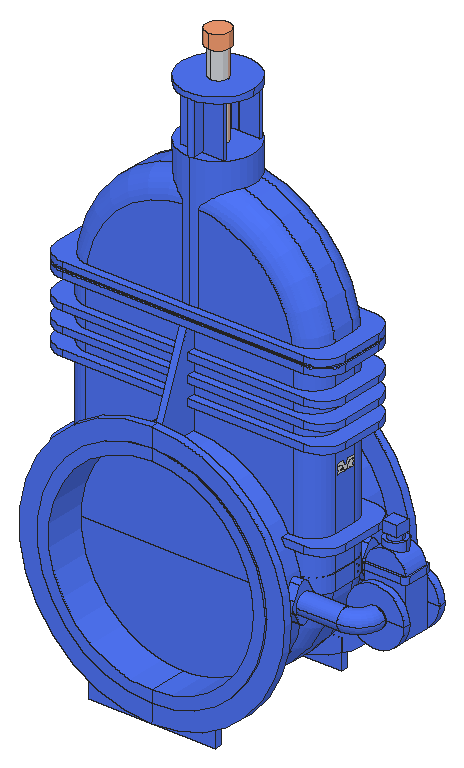
Revit family "1", category Pipe Accessories, Revit 2022 (continued)
Types (41, lengths in mm): name | wedge_dim1 | sweep_start | sweep | stem_dim1 | stem_dim | bottom_rib | W_half | W1 | W-W1 | W | Stem_dim | Stem_D2 | Stem_D1 | Rib_W | Rib_L | Rib_H4 | Rib_H3 | Rib_H2 | Rib_H1 | Rib_H | Rib_Actual | Raised_dia | PN | OD1 | OD | L | H2 | H1 | Fillet | FL_T | F2 | F1 | F | Bypass_D7 | DN | Cut_dis | Bypass_sweep | Bypass_Vale_T | Bypass_Vale_D5 | Bypass_Vale_D4 | Bypass_Location | Bore | Bonnet_fillet | Bonnet_dim3 | Bonnet_dim2 | Bonnet_dim1 | Bonnet_FL_W | Bonnet_FL_T | Bonnet_FL_L | Body_rib_T | Body_T | Body_W | Body_L | Body_H | Actuator_dim3 | Actuator_dim2 | Actuator_dim1 | Actuator_FLR | ADN | ACtuator_T
  54-0800-34-1101100 | 344.08 | 450.50 | 5.00 | 56.875 | 38.667 | 535.00 | 580.00 | 908.00 | 580.00 | 1488.00 | 43.75 | 26.25 | 17.50 | 175.95 | 522.00 | 750.00 | 650.00 | 550.00 | 190.00 | 675.60 | 744.00 | 901.00 | 16.00 | 1070.00 | 1070.00 | 660.00 | 535.00 | 1689.00 | 104.267 | 43.00 | 116.00 | 15.75 | 35.00 | 473.025 | 800.18 | 40.85 | 473.025 | 56.304 | 98.532 | 70.38 | 172.00 | 400.09 | 34.756 | 1452.54 | 109.48 | 220.40 | 391.00 | 81.70 | 1160.00 | 17.20 | 392.50 | 312.80 | 1102.00 | 844.50 | 57.75 | 31.50 | 52.50 | 87.50 | 800.00 | 30.96
  54-0800-34-1102100 | 344.08 | 450.50 | 5.00 | 68.25 | 43.00 | 535.00 | 580.00 | 908.00 | 580.00 | 1488.00 | 52.50 | 31.50 | 21.00 | 175.95 | 522.00 | 750.00 | 650.00 | 550.00 | 190.00 | 675.60 | 744.00 | 901.00 | 16.00 | 1070.00 | 1070.00 | 660.00 | 535.00 | 1689.00 | 104.267 | 43.00 | 129.00 | 18.90 | 42.00 | 473.025 | 800.19 | 40.85 | 473.025 | 56.304 | 98.532 | 70.38 | 172.00 | 400.095 | 34.756 | 1452.54 | 109.48 | 220.40 | 391.00 | 81.70 | 1160.00 | 17.20 | 392.50 | 312.80 | 1102.00 | 844.50 | 69.30 | 37.80 | 63.00 | 105.00 | 800.00 | 30.96
  54-0900-33-0102100 | 344.08 | 500.50 | 5.00 | 68.25 | 43.667 | 557.50 | 655.00 | 948.00 | 655.00 | 1603.00 | 52.50 | 31.50 | 21.00 | 175.95 | 522.00 | 850.00 | 750.00 | 650.00 | 200.00 | 737.60 | 801.50 | 1001.00 | 10.00 | 1192.00 | 1115.00 | 711.00 | 596.00 | 1844.00 | 104.267 | 37.50 | 131.00 | 18.90 | 42.00 | 525.525 | 900.00 | 35.625 | 525.525 | 56.304 | 98.532 | 70.38 | 208.00 | 450.00 | 34.756 | 1585.84 | 109.48 | 220.40 | 391.00 | 71.25 | 1160.00 | 15.00 | 392.50 | 312.80 | 1102.00 | 922.00 | 69.30 | 37.80 | 63.00 | 105.00 | 900.00 | 27.00
  54-0900-33-1101100 | 344.08 | 500.50 | 5.00 | 56.875 | 39.333 | 535.00 | 655.00 | 948.00 | 655.00 | 1603.00 | 43.75 | 26.25 | 17.50 | 175.95 | 522.00 | 850.00 | 750.00 | 650.00 | 200.00 | 737.60 | 801.50 | 1001.00 | 16.00 | 1192.00 | 1070.00 | 711.00 | 596.00 | 1844.00 | 104.267 | 46.50 | 118.00 | 15.75 | 35.00 | 525.525 | 900.10 | 44.175 | 525.525 | 56.304 | 98.532 | 70.38 | 208.00 | 450.05 | 34.756 | 1585.84 | 109.48 | 220.40 | 391.00 | 88.35 | 1160.00 | 18.60 | 392.50 | 312.80 | 1102.00 | 922.00 | 57.75 | 31.50 | 52.50 | 87.50 | 900.00 | 33.48
  54-0900-33-1102100 | 344.08 | 500.50 | 5.00 | 68.25 | 43.667 | 535.00 | 655.00 | 948.00 | 655.00 | 1603.00 | 52.50 | 31.50 | 21.00 | 175.95 | 522.00 | 850.00 | 750.00 | 650.00 | 200.00 | 737.60 | 801.50 | 1001.00 | 16.00 | 1192.00 | 1070.00 | 711.00 | 596.00 | 1844.00 | 104.267 | 46.50 | 131.00 | 18.90 | 42.00 | 525.525 | 900.11 | 44.175 | 525.525 | 56.304 | 98.532 | 70.38 | 208.00 | 450.055 | 34.756 | 1585.84 | 109.48 | 220.40 | 391.00 | 88.35 | 1160.00 | 18.60 | 392.50 | 312.80 | 1102.00 | 922.00 | 69.30 | 37.80 | 63.00 | 105.00 | 900.00 | 33.48
  54-0900-33-1103100 | 344.08 | 500.50 | 5.00 | 97.50 | 57.00 | 535.00 | 655.00 | 948.00 | 655.00 | 1603.00 | 75.00 | 45.00 | 30.00 | 175.95 | 522.00 | 850.00 | 750.00 | 650.00 | 200.00 | 737.60 | 801.50 | 1001.00 | 16.00 | 1192.00 | 1070.00 | 711.00 | 596.00 | 1844.00 | 104.267 | 46.50 | 171.00 | 27.00 | 60.00 | 525.525 | 900.12 | 44.175 | 525.525 | 56.304 | 98.532 | 70.38 | 208.00 | 450.06 | 34.756 | 1585.84 | 109.48 | 220.40 | 391.00 | 88.35 | 1160.00 | 18.60 | 392.50 | 312.80 | 1102.00 | 922.00 | 99.00 | 54.00 | 90.00 | 150.00 | 900.00 | 33.48
  54-0900-33-1104100 | 375.76 | 500.50 | 5.00 | 113.75 | 67.00 | 596.00 | 655.00 | 948.00 | 655.00 | 1603.00 | 87.50 | 52.50 | 35.00 | 192.15 | 586.80 | 850.00 | 750.00 | 650.00 | 200.00 | 737.60 | 801.50 | 1001.00 | 16.00 | 1192.00 | 1192.00 | 711.00 | 596.00 | 1844.00 | 113.867 | 46.50 | 201.00 | 31.50 | 70.00 | 525.525 | 900.13 | 44.175 | 525.525 | 61.488 | 107.604 | 76.86 | 208.00 | 450.065 | 37.956 | 1585.84 | 119.56 | 247.76 | 427.00 | 88.35 | 1304.00 | 18.60 | 442.50 | 341.60 | 1238.80 | 922.00 | 115.50 | 63.00 | 105.00 | 175.00 | 900.00 | 33.48
  54-0900-34-0102100 | 375.76 | 500.50 | 5.00 | 68.25 | 43.667 | 557.50 | 655.00 | 948.00 | 655.00 | 1603.00 | 52.50 | 31.50 | 21.00 | 192.15 | 586.80 | 850.00 | 750.00 | 650.00 | 200.00 | 737.60 | 801.50 | 1001.00 | 10.00 | 1192.00 | 1115.00 | 711.00 | 596.00 | 1844.00 | 113.867 | 37.50 | 131.00 | 18.90 | 42.00 | 525.525 | 900.14 | 35.625 | 525.525 | 61.488 | 107.604 | 76.86 | 208.00 | 450.07 | 37.956 | 1585.84 | 119.56 | 247.76 | 427.00 | 71.25 | 1304.00 | 15.00 | 442.50 | 341.60 | 1238.80 | 922.00 | 69.30 | 37.80 | 63.00 | 105.00 | 900.00 | 27.00
  54-0900-34-0104100 | 375.76 | 500.50 | 5.00 | 113.75 | 67.00 | 557.50 | 655.00 | 948.00 | 655.00 | 1603.00 | 87.50 | 52.50 | 35.00 | 192.15 | 586.80 | 850.00 | 750.00 | 650.00 | 200.00 | 737.60 | 801.50 | 1001.00 | 10.00 | 1192.00 | 1115.00 | 711.00 | 596.00 | 1844.00 | 113.867 | 37.50 | 201.00 | 31.50 | 70.00 | 525.525 | 900.15 | 35.625 | 525.525 | 61.488 | 107.604 | 76.86 | 208.00 | 450.075 | 37.956 | 1585.84 | 119.56 | 247.76 | 427.00 | 71.25 | 1304.00 | 15.00 | 442.50 | 341.60 | 1238.80 | 922.00 | 115.50 | 63.00 | 105.00 | 175.00 | 900.00 | 27.00
  54-0900-34-1101100 | 375.76 | 500.50 | 5.00 | 56.875 | 39.333 | 596.00 | 655.00 | 948.00 | 655.00 | 1603.00 | 43.75 | 26.25 | 17.50 | 192.15 | 586.80 | 850.00 | 750.00 | 650.00 | 200.00 | 737.60 | 801.50 | 1001.00 | 16.00 | 1192.00 | 1192.00 | 711.00 | 596.00 | 1844.00 | 113.867 | 46.50 | 118.00 | 15.75 | 35.00 | 525.525 | 900.16 | 44.175 | 525.525 | 61.488 | 107.604 | 76.86 | 208.00 | 450.08 | 37.956 | 1585.84 | 119.56 | 247.76 | 427.00 | 88.35 | 1304.00 | 18.60 | 442.50 | 341.60 | 1238.80 | 922.00 | 57.75 | 31.50 | 52.50 | 87.50 | 900.00 | 33.48
  54-0900-34-1102100 | 375.76 | 500.50 | 5.00 | 68.25 | 43.667 | 596.00 | 655.00 | 948.00 | 655.00 | 1603.00 | 52.50 | 31.50 | 21.00 | 192.15 | 586.80 | 850.00 | 750.00 | 650.00 | 200.00 | 737.60 | 801.50 | 1001.00 | 16.00 | 1192.00 | 1192.00 | 711.00 | 596.00 | 1844.00 | 113.867 | 46.50 | 131.00 | 18.90 | 42.00 | 525.525 | 900.17 | 44.175 | 525.525 | 61.488 | 107.604 | 76.86 | 208.00 | 450.085 | 37.956 | 1585.84 | 119.56 | 247.76 | 427.00 | 88.35 | 1304.00 | 18.60 | 442.50 | 341.60 | 1238.80 | 922.00 | 69.30 | 37.80 | 63.00 | 105.00 | 900.00 | 33.48
  54-0900-34-1103100 | 375.76 | 500.50 | 5.00 | 97.50 | 57.00 | 596.00 | 655.00 | 948.00 | 655.00 | 1603.00 | 75.00 | 45.00 | 30.00 | 192.15 | 586.80 | 850.00 | 750.00 | 650.00 | 200.00 | 737.60 | 801.50 | 1001.00 | 16.00 | 1192.00 | 1192.00 | 711.00 | 596.00 | 1844.00 | 113.867 | 46.50 | 171.00 | 27.00 | 60.00 | 525.525 | 900.18 | 44.175 | 525.525 | 61.488 | 107.604 | 76.86 | 208.00 | 450.09 | 37.956 | 1585.84 | 119.56 | 247.76 | 427.00 | 88.35 | 1304.00 | 18.60 | 442.50 | 341.60 | 1238.80 | 922.00 | 99.00 | 54.00 | 90.00 | 150.00 | 900.00 | 33.48
  54-1000-33-0102100 | 375.76 | 556.00 | 5.00 | 68.25 | 45.333 | 615.00 | 702.00 | 1005.00 | 702.00 | 1707.00 | 52.50 | 31.50 | 21.00 | 192.15 | 586.80 | 880.00 | 780.00 | 680.00 | 235.00 | 802.80 | 853.50 | 1112.00 | 10.00 | 1296.00 | 1230.00 | 813.00 | 648.00 | 2007.00 | 113.867 | 40.00 | 136.00 | 18.90 | 42.00 | 583.80 | 1000.00 | 38.00 | 583.80 | 61.488 | 107.604 | 76.86 | 208.00 | 500.00 | 37.956 | 1726.02 | 119.56 | 247.76 | 427.00 | 76.00 | 1304.00 | 16.00 | 442.50 | 341.60 | 1238.80 | 1003.50 | 69.30 | 37.80 | 63.00 | 105.00 | 1000.00 | 28.80
  54-1000-33-0103100 | 375.76 | 556.00 | 5.00 | 97.50 | 58.667 | 615.00 | 702.00 | 1005.00 | 702.00 | 1707.00 | 75.00 | 45.00 | 30.00 | 192.15 | 586.80 | 880.00 | 780.00 | 680.00 | 235.00 | 802.80 | 853.50 | 1112.00 | 10.00 | 1296.00 | 1230.00 | 813.00 | 648.00 | 2007.00 | 113.867 | 40.00 | 176.00 | 27.00 | 60.00 | 583.80 | 1000.10 | 38.00 | 583.80 | 61.488 | 107.604 | 76.86 | 208.00 | 500.05 | 37.956 | 1726.02 | 119.56 | 247.76 | 427.00 | 76.00 | 1304.00 | 16.00 | 442.50 | 341.60 | 1238.80 | 1003.50 | 99.00 | 54.00 | 90.00 | 150.00 | 1000.00 | 28.80
  54-1000-33-0104100 | 375.76 | 556.00 | 5.00 | 113.75 | 68.667 | 615.00 | 702.00 | 1005.00 | 702.00 | 1707.00 | 87.50 | 52.50 | 35.00 | 192.15 | 586.80 | 880.00 | 780.00 | 680.00 | 235.00 | 802.80 | 853.50 | 1112.00 | 10.00 | 1296.00 | 1230.00 | 813.00 | 648.00 | 2007.00 | 113.867 | 40.00 | 206.00 | 31.50 | 70.00 | 583.80 | 1000.11 | 38.00 | 583.80 | 61.488 | 107.604 | 76.86 | 208.00 | 500.055 | 37.956 | 1726.02 | 119.56 | 247.76 | 427.00 | 76.00 | 1304.00 | 16.00 | 442.50 | 341.60 | 1238.80 | 1003.50 | 115.50 | 63.00 | 105.00 | 175.00 | 1000.00 | 28.80
  54-1000-33-1102100 | 467.28 | 556.00 | 5.00 | 68.25 | 45.333 | 648.00 | 702.00 | 1005.00 | 702.00 | 1707.00 | 52.50 | 31.50 | 21.00 | 238.95 | 627.30 | 880.00 | 780.00 | 680.00 | 235.00 | 802.80 | 853.50 | 1112.00 | 16.00 | 1296.00 | 1296.00 | 813.00 | 648.00 | 2007.00 | 141.60 | 50.00 | 136.00 | 18.90 | 42.00 | 583.80 | 1000.12 | 47.50 | 583.80 | 76.464 | 133.812 | 95.58 | 208.00 | 500.06 | 47.20 | 1726.02 | 148.68 | 264.86 | 531.00 | 95.00 | 1394.00 | 20.00 | 492.50 | 424.80 | 1324.30 | 1003.50 | 69.30 | 37.80 | 63.00 | 105.00 | 1000.00 | 36.00
  54-1000-33-1103100 | 467.28 | 556.00 | 5.00 | 97.50 | 58.667 | 648.00 | 702.00 | 1005.00 | 702.00 | 1707.00 | 75.00 | 45.00 | 30.00 | 238.95 | 627.30 | 880.00 | 780.00 | 680.00 | 235.00 | 802.80 | 853.50 | 1112.00 | 16.00 | 1296.00 | 1296.00 | 813.00 | 648.00 | 2007.00 | 141.60 | 50.00 | 176.00 | 27.00 | 60.00 | 583.80 | 1000.13 | 47.50 | 583.80 | 76.464 | 133.812 | 95.58 | 208.00 | 500.065 | 47.20 | 1726.02 | 148.68 | 264.86 | 531.00 | 95.00 | 1394.00 | 20.00 | 492.50 | 424.80 | 1324.30 | 1003.50 | 99.00 | 54.00 | 90.00 | 150.00 | 1000.00 | 36.00
  54-1000-33-1104100 | 467.28 | 556.00 | 5.00 | 113.75 | 68.667 | 648.00 | 702.00 | 1005.00 | 702.00 | 1707.00 | 87.50 | 52.50 | 35.00 | 238.95 | 627.30 | 880.00 | 780.00 | 680.00 | 235.00 | 802.80 | 853.50 | 1112.00 | 16.00 | 1296.00 | 1296.00 | 813.00 | 648.00 | 2007.00 | 141.60 | 50.00 | 206.00 | 31.50 | 70.00 | 583.80 | 1000.14 | 47.50 | 583.80 | 76.464 | 133.812 | 95.58 | 208.00 | 500.07 | 47.20 | 1726.02 | 148.68 | 264.86 | 531.00 | 95.00 | 1394.00 | 20.00 | 492.50 | 424.80 | 1324.30 | 1003.50 | 115.50 | 63.00 | 105.00 | 175.00 | 1000.00 | 36.00
  54-1000-34-0102100 | 467.28 | 556.00 | 5.00 | 68.25 | 45.333 | 615.00 | 702.00 | 1005.00 | 702.00 | 1707.00 | 52.50 | 31.50 | 21.00 | 238.95 | 627.30 | 880.00 | 780.00 | 680.00 | 235.00 | 802.80 | 853.50 | 1112.00 | 10.00 | 1296.00 | 1230.00 | 813.00 | 648.00 | 2007.00 | 141.60 | 40.00 | 136.00 | 18.90 | 42.00 | 583.80 | 1000.15 | 38.00 | 583.80 | 76.464 | 133.812 | 95.58 | 208.00 | 500.075 | 47.20 | 1726.02 | 148.68 | 264.86 | 531.00 | 76.00 | 1394.00 | 16.00 | 492.50 | 424.80 | 1324.30 | 1003.50 | 69.30 | 37.80 | 63.00 | 105.00 | 1000.00 | 28.80
  54-1000-34-1102100 | 467.28 | 556.00 | 5.00 | 68.25 | 45.333 | 615.00 | 702.00 | 1005.00 | 702.00 | 1707.00 | 52.50 | 31.50 | 21.00 | 238.95 | 627.30 | 880.00 | 780.00 | 680.00 | 235.00 | 802.80 | 853.50 | 1112.00 | 10.00 | 1296.00 | 1230.00 | 813.00 | 648.00 | 2007.00 | 141.60 | 40.00 | 136.00 | 18.90 | 42.00 | 583.80 | 1000.15 | 38.00 | 583.80 | 76.464 | 133.812 | 95.58 | 208.00 | 500.075 | 47.20 | 1726.02 | 148.68 | 264.86 | 531.00 | 76.00 | 1394.00 | 16.00 | 492.50 | 424.80 | 1324.30 | 1003.50 | 69.30 | 37.80 | 63.00 | 105.00 | 1000.00 | 28.80
  54-1000-34-1103100 | 467.28 | 556.00 | 5.00 | 68.25 | 45.333 | 648.00 | 702.00 | 1005.00 | 702.00 | 1707.00 | 52.50 | 31.50 | 21.00 | 238.95 | 627.30 | 880.00 | 780.00 | 680.00 | 235.00 | 802.80 | 853.50 | 1112.00 | 16.00 | 1296.00 | 1296.00 | 813.00 | 648.00 | 2007.00 | 141.60 | 50.00 | 136.00 | 18.90 | 42.00 | 583.80 | 1000.16 | 47.50 | 583.80 | 76.464 | 133.812 | 95.58 | 208.00 | 500.08 | 47.20 | 1726.02 | 148.68 | 264.86 | 531.00 | 95.00 | 1394.00 | 20.00 | 492.50 | 424.80 | 1324.30 | 1003.50 | 69.30 | 37.80 | 63.00 | 105.00 | 1000.00 | 36.00
